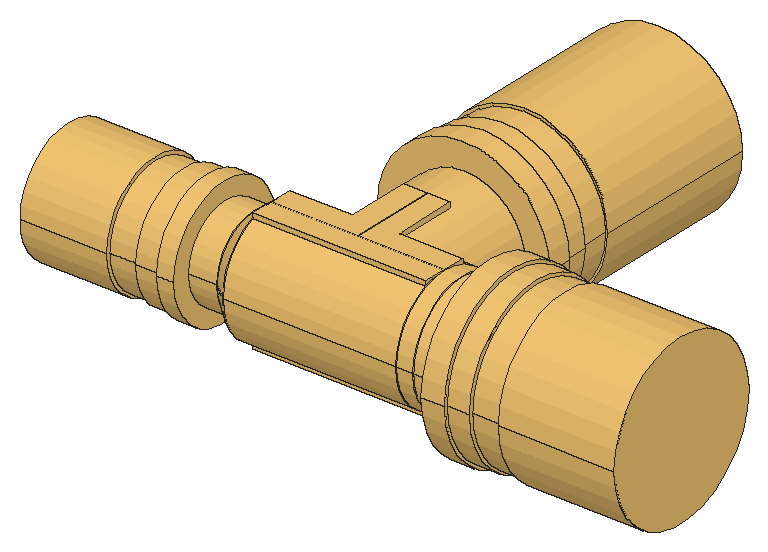
Revit family "VTm.431.BG", category Соединительные детали трубопроводов, Revit 2019
Family settings
  Размер круглого соединителя = Использовать диаметр
  Тип детали = Тройник
  Номер OmniClass = 23.60.30.11.14
  Заголовок OmniClass = Pipework Fittings
  На основе рабочей плоскости = Нет
  Всегда вертикально = Да
  При загрузке вырезать с полостями = Нет
  Общий = Нет
Parameters
  Таблица = "VTm.431.BG"
  Описание = "Фитинг аксиальный универсальный – тройник надвижной"  # constant formula
  Изготовитель = "VALTEC"  # constant formula
  Группа модели = "Аксиальные фитинги универсальные"  # constant formula
  msg [instance] = size_lookup(Таблица, "msg", 0 mm, Du1, Du2, Du3)  # 136 mm
  msf [instance] = size_lookup(Таблица, "msf", 0 mm, Du1, Du2, Du3)  # 170 mm
  hy [instance] = size_lookup(Таблица, "hy", 0 mm, Du1, Du2, Du3)  # 15 mm
  ha [instance] = size_lookup(Таблица, "ha", 0 mm, Du1, Du2, Du3)  # 8 mm
  h2 [instance] = size_lookup(Таблица, "h2", 0 mm, Du1, Du2, Du3)  # 23 mm
  h1 [instance] = size_lookup(Таблица, "h1", 0 mm, Du1, Du2, Du3)  # 46 mm
  g6 [instance] = dn3 - 1 mm  # 28 mm
  g5 [instance] = dn3 + 1 mm  # 30 mm
  g4 [instance] = dn2 + 1 mm  # 30 mm
  g3 [instance] = dn2 - 1 mm  # 28 mm
  g2 [instance] = dn1 + 1 mm  # 22 mm
  g1 [instance] = dn1 - 1 mm  # 20 mm
  dn3 [instance] = size_lookup(Таблица, "dn3", 0 mm, Du1, Du2, Du3)  # 29 mm
  dn2 [instance] = size_lookup(Таблица, "dn2", 0 mm, Du1, Du2, Du3)  # 29 mm
  dn1 [instance] = size_lookup(Таблица, "dn1", 0 mm, Du1, Du2, Du3)  # 21 mm
  d4 [instance] = size_lookup(Таблица, "d4", 0 mm, Du1, Du2, Du3)  # 21 mm
  d3 [instance] = size_lookup(Таблица, "d3", 0 mm, Du1, Du2, Du3)  # 21 mm
  d2 [instance] = size_lookup(Таблица, "d2", 0 mm, Du1, Du2, Du3)  # 21 mm
  d1 [instance] = size_lookup(Таблица, "d1", 0 mm, Du1, Du2, Du3)  # 16 mm
  c [instance] = size_lookup(Таблица, "c", 0 mm, Du1, Du2, Du3)  # 4 mm
  b [instance] = size_lookup(Таблица, "b", 0 mm, Du1, Du2, Du3)  # 4 mm
  a [instance] = size_lookup(Таблица, "a", 0 mm, Du1, Du2, Du3)  # 3 mm
  URL = "https://valtec.ru/"
  L4 [instance] = size_lookup(Таблица, "L4", 0 mm, Du1, Du2, Du3)  # 30 mm
  L3 [instance] = size_lookup(Таблица, "L3", 0 mm, Du1, Du2, Du3)  # 29 mm
  L2 [instance] = size_lookup(Таблица, "L2", 0 mm, Du1, Du2, Du3)  # 29 mm
  L1 [instance] = size_lookup(Таблица, "L1", 0 mm, Du1, Du2, Du3)  # 24 mm
  Du3 [instance] = 25 mm
  Du2 [instance] = 25 mm
  Du1 [instance] = 16 mm
  ADSK_Позиция [instance] = ""
  ADSK_Обозначение [instance] = "VTm.431.BG"  # constant formula
  ADSK_Наименование [instance] = size_lookup(Таблица, "", "Данный типоразмер отсутствует", Du1, Du2, Du3)  # "Фитинг аксиальный универсальный – тройник надвижной 25 (3,5) мм х 25 (3,5) мм х 16 (2,2) мм"
  ADSK_Материал [instance] = Латунь -CW614N
  ADSK_Масса_фитинга [instance] = msf / 1000 mm  # 0.17
  ADSK_Масса_гильзы [instance] = msg / 1000 mm  # 0.136
  ADSK_Код изделия - фитинг [instance] = size_lookup(Таблица, "Код продукта", "Данный типоразмер отсутствует", Du1, Du2, Du3)  # "VTm.431.BG.252516"
  ADSK_Код изделия - гильза [instance] = size_lookup(Таблица, "Код гильза", "Данный типоразмер отсутствует", Du1, Du2, Du3)  # "VTm.400.BG.002535-VTm.400.BG.002535-VTm.400.BG.001622"
  ADSK_Завод-изготовитель [instance] = Изготовитель  # "VALTEC"
  ADSK_Единица измерения [instance] = "шт."  # constant formula
  ADSK_URL страницы изделия [instance] = "https://valtec.ru/catalog/sistemy_metallopolimernyh_i_polimernyh_truboprovodov/aksialnye_fitingi_universalnye/fiting_aksialnyj_universalnyj_trojnik_nadvijnoj.html"
  ADSK_URL документации изделия [instance] = "https://valtec.ru/document/technical/VTm.400.BG-0321.pdf"
Reference planes
  plane 1 "По центру (Вперед/Назад)": y = 0
  plane 2: z = 0
  plane 3 "По центру (Влево/Вправо)": x = 0
  plane 4: x = 15
  plane 5: x = -15
  plane 6: x = 18
  plane 7: x = -18
  plane 8: x = -23
  plane 9: x = 23
  plane 10: x = -26
  plane 11: x = -30
  plane 12: x = -35
  plane 13: x = -50
  plane 14: x = 27
  plane 15: x = 31
  plane 16: x = 36
  plane 17: x = 56
  plane 18: y = 10.5
  plane 19: y = -10.5
  plane 20: y = 23
  plane 21: y = 27
  plane 22: y = 31
  plane 23: y = 36
  plane 24: y = 65
  plane 25: x = -4
  plane 26: x = 4
  plane 27: y = 15
  plane 28: y = -4
  plane 29: y = 4
  plane 30: z = 10.5
  plane 31: z = -10.5
Forms (mm)
  Extrusion 1, solid, material "Латунь -CW614N" <- "ADSK_Материал", detail levels fine
    sketch origin (0, 0, 0) x (0, 1, 0) y (0, 0, 1)
      loop
        circle (0, 0) r 10.5
    from -15 to 15
  Extrusion 2, solid, material "Латунь -CW614N" <- "ADSK_Материал", detail levels fine
    sketch origin (0, 0, 0) x (0, 1, 0) y (0, 0, 1)
      loop
        circle (0, 0) r 8
    from -23 to -18
  Blend 3, solid, material "Латунь -CW614N" <- "ADSK_Материал", detail levels fine
    base sketch origin (0, 0, 0) x (0, 1, 0) y (0, 0, 1)
      loop
        circle (0, 0) r 8
    top sketch origin (0, 0, 0) x (0, 1, 0) y (0, 0, 1)
      loop
        circle (0, 0) r 10.5
    from -18 to -15
  Extrusion 4, solid, material "Латунь -CW614N" <- "ADSK_Материал", detail levels fine
    sketch origin (0, 0, 0) x (0, 1, 0) y (0, 0, 1)
      loop
        circle (0, 0) r 11
    from -26 to -23
  Extrusion 5, solid, material "Латунь -CW614N" <- "ADSK_Материал", detail levels fine
    sketch origin (0, 0, 0) x (0, 1, 0) y (0, 0, 1)
      loop
        circle (0, 0) r 10.5
    from -30 to -26
  Extrusion 6, solid, material "Латунь -CW614N" <- "ADSK_Материал", detail levels fine
    sketch origin (0, 0, 0) x (0, 1, 0) y (0, 0, 1)
      loop
        circle (0, 0) r 10
    from -35 to -30
  Extrusion 7, solid, material "Латунь -CW614N" <- "ADSK_Материал", detail levels fine
    sketch origin (0, 0, 0) x (0, 1, 0) y (0, 0, 1)
      loop
        circle (0, 0) r 10.5
    from -50 to -35
  Extrusion 8, solid, material "Латунь -CW614N" <- "ADSK_Материал", detail levels fine
    sketch origin (0, 0, 0) x (0, 1, 0) y (0, 0, 1)
      loop
        circle (0, 0) r 10.5
    from 18 to 23
  Blend 9, solid, material "Латунь -CW614N" <- "ADSK_Материал", detail levels fine
    base sketch origin (0, 0, 0) x (0, 1, 0) y (0, 0, 1)
      loop
        circle (0, 0) r 10.5
    top sketch origin (0, 0, 0) x (0, 1, 0) y (0, 0, 1)
      loop
        circle (0, 0) r 10.5
    from 15 to 18
  Extrusion 10, solid, material "Латунь -CW614N" <- "ADSK_Материал", detail levels fine
    sketch origin (0, 0, 0) x (0, 1, 0) y (0, 0, 1)
      loop
        circle (0, 0) r 15
    from 23 to 27
  Extrusion 11, solid, material "Латунь -CW614N" <- "ADSK_Материал", detail levels fine
    sketch origin (0, 0, 0) x (0, 1, 0) y (0, 0, 1)
      loop
        circle (0, 0) r 14.5
    from 27 to 31
  Extrusion 12, solid, material "Латунь -CW614N" <- "ADSK_Материал", detail levels fine
    sketch origin (0, 0, 0) x (0, 1, 0) y (0, 0, 1)
      loop
        circle (0, 0) r 14
    from 31 to 36
  Extrusion 13, solid, material "Латунь -CW614N" <- "ADSK_Материал", detail levels fine
    sketch origin (0, 0, 0) x (0, 1, 0) y (0, 0, 1)
      loop
        circle (0, 0) r 14.5
    from 36 to 56
  Extrusion 14, solid, material "Латунь -CW614N" <- "ADSK_Материал", detail levels fine
    sketch origin (0, 0, 0) x (1, 0, 0) y (0, 0, 1)
      loop
        circle (0, 0) r 10.5
    from -23 to 0
  Extrusion 15, solid, material "Латунь -CW614N" <- "ADSK_Материал", detail levels fine
    sketch origin (0, 0, 0) x (1, 0, 0) y (0, 0, 1)
      loop
        circle (0, 0) r 15
    from -27 to -23
  Extrusion 16, solid, material "Латунь -CW614N" <- "ADSK_Материал", detail levels fine
    sketch origin (0, 0, 0) x (1, 0, 0) y (0, 0, 1)
      loop
        circle (0, 0) r 14.5
    from -31 to -27
  Extrusion 17, solid, material "Латунь -CW614N" <- "ADSK_Материал", detail levels fine
    sketch origin (0, 0, 0) x (1, 0, 0) y (0, 0, 1)
      loop
        circle (0, 0) r 14
    from -36 to -31
  Extrusion 18, solid, material "Латунь -CW614N" <- "ADSK_Материал", detail levels fine
    sketch origin (0, 0, 0) x (1, 0, 0) y (0, 0, 1)
      loop
        circle (0, 0) r 14.5
    from -65 to -36
  Extrusion 19, solid, material "Латунь -CW614N" <- "ADSK_Материал", detail levels fine
    sketch origin (0, 0, 0) x (1, 0, 0) y (0, 1, 0)
      loop
        line (-15, -4) -> (15, -4) -> (15, 4) -> (4, 4) -> (4, 15) -> (-4, 15) -> (-4, 4) -> (-15, 4) -> (-15, -4)
    from -10.5 to 10.5
Dimensions and locks
  equal spacing: plane 5, plane 3 "По центру (Влево/Вправо)", plane 4
  locked: plane 7 to plane 5 at 3
  locked: plane 4 to plane 6 at 3
  "L4": plane 5 to plane 4
  locked: plane 11 to plane 10 at 4
  locked: plane 12 to plane 11 at 5
  "L1": plane 13 to plane 10
  "a": plane 10 to plane 8
  "c": plane 9 to plane 14
  locked: plane 14 to plane 15 at 4
  locked: plane 15 to plane 16 at 5
  "L3": plane 14 to plane 17
  equal spacing: plane 8, plane 3 "По центру (Влево/Вправо)", plane 9
  "h1": plane 8 to plane 9
  equal spacing: plane 19, plane 1 "По центру (Вперед/Назад)", plane 18
  "d4": plane 19 to plane 18
  "h2": plane 20 to plane 1 "По центру (Вперед/Назад)"
  "b": plane 21 to plane 20
  locked: plane 22 to plane 21 at 4
  locked: plane 23 to plane 22 at 5
  "L2": plane 24 to plane 23
  equal spacing: plane 29, plane 1 "По центру (Вперед/Назад)", plane 28
  "ha": plane 29 to plane 28
  equal spacing: plane 25, plane 3 "По центру (Влево/Вправо)", plane 26
  "ha": plane 25 to plane 26
  "hy": plane 27 to plane 1 "По центру (Вперед/Назад)"
  equal spacing: plane 30, level, plane 31
  "d4": plane 30 to plane 31
  "d4": diameter of Extrusion 1 sketch curve
  "d1": diameter of Extrusion 2 sketch curve
  "d1": diameter of Blend 3 sketch curve
  "d4": diameter of Blend 3 sketch curve
  "g2": diameter of Extrusion 4 sketch curve
  "dn1": diameter of Extrusion 5 sketch curve
  "g1": diameter of Extrusion 6 sketch curve
  "dn1": diameter of Extrusion 7 sketch curve
  "d3": diameter of Extrusion 8 sketch curve
  "d4": diameter of Blend 9 sketch curve
  "d3": diameter of Blend 9 sketch curve
  "g5": diameter of Extrusion 10 sketch curve
  "dn3": diameter of Extrusion 11 sketch curve
  "g6": diameter of Extrusion 12 sketch curve
  "dn3": diameter of Extrusion 13 sketch curve
  "d2": diameter of Extrusion 14 sketch curve
  "g4": diameter of Extrusion 15 sketch curve
  "dn2": diameter of Extrusion 16 sketch curve
  "g3": diameter of Extrusion 17 sketch curve
  "dn2": diameter of Extrusion 18 sketch curve
  aligned and locked: level to plane 2
  aligned and locked: plane 1 "По центру (Вперед/Назад)" to Extrusion 1 sketch curve
  aligned and locked: level to Extrusion 1 sketch curve
  aligned and locked: plane 4 to Extrusion 1
  aligned and locked: Extrusion 1 to plane 5
  aligned and locked: plane 1 "По центру (Вперед/Назад)" to Extrusion 2 sketch curve
  aligned and locked: level to Extrusion 2 sketch curve
  aligned and locked: Extrusion 2 to plane 8
  aligned and locked: plane 7 to Extrusion 2
  aligned and locked: plane 1 "По центру (Вперед/Назад)" to Blend 3 sketch curve  (x2)
  aligned and locked: level to Blend 3 sketch curve  (x2)
  aligned and locked: Blend 3 to plane 7
  aligned and locked: plane 5 to Blend 3
  aligned and locked: plane 1 "По центру (Вперед/Назад)" to Extrusion 4 sketch curve
  aligned and locked: level to Extrusion 4 sketch curve
  aligned and locked: Extrusion 4 to plane 10
  aligned and locked: plane 8 to Extrusion 4
  aligned and locked: plane 1 "По центру (Вперед/Назад)" to Extrusion 5 sketch curve
  aligned and locked: level to Extrusion 5 sketch curve
  aligned and locked: Extrusion 5 to plane 11
  aligned and locked: plane 10 to Extrusion 5
  aligned and locked: plane 1 "По центру (Вперед/Назад)" to Extrusion 6 sketch curve
  aligned and locked: level to Extrusion 6 sketch curve
  aligned and locked: Extrusion 6 to plane 12
  aligned and locked: plane 11 to Extrusion 6
  aligned and locked: plane 1 "По центру (Вперед/Назад)" to Extrusion 7 sketch curve
  aligned and locked: level to Extrusion 7 sketch curve
  aligned and locked: Extrusion 7 to plane 13
  aligned and locked: plane 12 to Extrusion 7
  aligned and locked: plane 1 "По центру (Вперед/Назад)" to Extrusion 8 sketch curve
  aligned and locked: level to Extrusion 8 sketch curve
  aligned and locked: plane 9 to Extrusion 8
  aligned and locked: plane 1 "По центру (Вперед/Назад)" to Blend 9 sketch curve  (x2)
  aligned and locked: level to Blend 9 sketch curve  (x2)
  aligned and locked: Blend 9 to plane 4
  aligned and locked: plane 6 to Blend 9
  aligned and locked: plane 1 "По центру (Вперед/Назад)" to Extrusion 10 sketch curve
  aligned and locked: level to Extrusion 10 sketch curve
  aligned and locked: Extrusion 10 to plane 9
  aligned and locked: plane 14 to Extrusion 10
  aligned and locked: plane 1 "По центру (Вперед/Назад)" to Extrusion 11 sketch curve
  aligned and locked: level to Extrusion 11 sketch curve
  aligned and locked: Extrusion 11 to plane 14
  aligned and locked: plane 15 to Extrusion 11
  aligned and locked: plane 1 "По центру (Вперед/Назад)" to Extrusion 12 sketch curve
  aligned and locked: level to Extrusion 12 sketch curve
  aligned and locked: Extrusion 12 to plane 15
  aligned and locked: plane 16 to Extrusion 12
  aligned and locked: plane 1 "По центру (Вперед/Назад)" to Extrusion 13 sketch curve
  aligned and locked: level to Extrusion 13 sketch curve
  aligned and locked: Extrusion 13 to plane 16
  aligned and locked: plane 17 to Extrusion 13
  aligned and locked: Extrusion 8 to plane 6
  aligned and locked: plane 3 "По центру (Влево/Вправо)" to Extrusion 14 sketch curve
  aligned and locked: level to Extrusion 14 sketch curve
  aligned and locked: plane 20 to Extrusion 14
  aligned and locked: plane 1 "По центру (Вперед/Назад)" to Extrusion 14
  aligned and locked: plane 3 "По центру (Влево/Вправо)" to Extrusion 15 sketch curve
  aligned and locked: level to Extrusion 15 sketch curve
  aligned and locked: Extrusion 15 to plane 21
  aligned and locked: Extrusion 15 to plane 20
  aligned and locked: plane 3 "По центру (Влево/Вправо)" to Extrusion 16 sketch curve
  aligned and locked: level to Extrusion 16 sketch curve
  aligned and locked: Extrusion 16 to plane 22
  aligned and locked: Extrusion 16 to plane 21
  aligned and locked: plane 3 "По центру (Влево/Вправо)" to Extrusion 17 sketch curve
  aligned and locked: level to Extrusion 17 sketch curve
  aligned and locked: Extrusion 17 to plane 23
  aligned and locked: Extrusion 17 to plane 22
  aligned and locked: plane 3 "По центру (Влево/Вправо)" to Extrusion 18 sketch curve
  aligned and locked: level to Extrusion 18 sketch curve
  aligned and locked: Extrusion 18 to plane 24
  aligned and locked: Extrusion 18 to plane 23
  aligned and locked: Extrusion 19 sketch curve to plane 28
  aligned and locked: Extrusion 19 sketch curve to plane 4
  aligned and locked: plane 5 to Extrusion 19 sketch curve
  aligned and locked: Extrusion 19 sketch curve to plane 29  (x2)
  aligned and locked: Extrusion 19 sketch curve to plane 25
  aligned and locked: Extrusion 19 sketch curve to plane 26
  aligned and locked: Extrusion 19 sketch curve to plane 27
  aligned and locked: Extrusion 19 to plane 31
  aligned and locked: Extrusion 19 to plane 30
  aligned and locked: plane 3 "По центру (Влево/Вправо)" to nested 1
  aligned and locked: plane 1 "По центру (Вперед/Назад)" to nested 1
Nested families
  nested 1: "условный вид_2" at (0, 0, 0), type "условный вид_2", detail levels coarse+medium
Connectors
  piping at (-26, 0, 0), diameter 16, driven by "Du1"
    settings: on Extrusion 4, index 1, connector inside diameter 609.6 mm, connector length 0 mm, flow factor 0, pipe flow 0.0 L/s, pressure drop 0.0 Pa, fitting loss kfactor 0, connector angle 0.00°, fixture units 0, engagement length 0 mm, angle of deflection 0.00°, flow configuration 0, flow direction 0, fitting loss method 0, system type 29, joint type 0, gender type 0, connector reference index -1, connector utility 0, adjustable connector no, is connector primary yes, connector description ""
  piping at (27, 0, 0), diameter 25, driven by "Du3"
    settings: on Extrusion 10, index 3, connector inside diameter 609.6 mm, connector length 0 mm, flow factor 0, pipe flow 0.0 L/s, pressure drop 0.0 Pa, fitting loss kfactor 0, connector angle 0.00°, fixture units 0, engagement length 0 mm, angle of deflection 0.00°, flow configuration 0, flow direction 0, fitting loss method 0, system type 29, joint type 0, gender type 0, connector reference index -1, connector utility 0, adjustable connector no, is connector primary no, connector description ""
  piping at (0, 27, 0), diameter 25, driven by "Du2"
    settings: on Extrusion 15, index 4, connector inside diameter 609.6 mm, connector length 0 mm, flow factor 0, pipe flow 0.0 L/s, pressure drop 0.0 Pa, fitting loss kfactor 0, connector angle 0.00°, fixture units 0, engagement length 0 mm, angle of deflection 0.00°, flow configuration 0, flow direction 0, fitting loss method 0, system type 28, joint type 0, gender type 0, connector reference index -1, connector utility 0, adjustable connector no, is connector primary no, connector description ""
Definition of nested family "условный вид_2"
  Reference planes
    plane 1: y = 0
    plane 2: x = 0
  Lines and regions (mm)
    detail lines
      curve 1: line (-24.966, 0, 0) -> (25.034, 0, 0)
      curve 2: line (0, 0, 0) -> (0, 25, 0)
